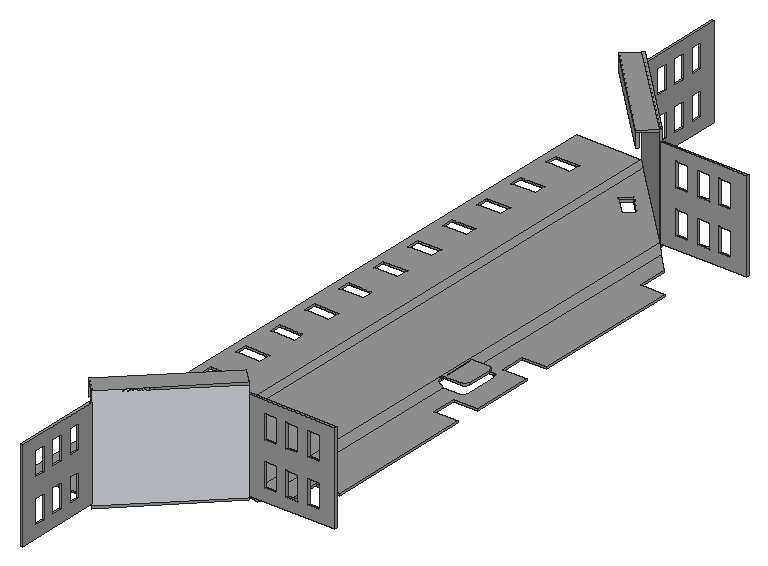
Revit family "Anbau-Abzweigstück-RAA 630FT", category Generic Models, Revit 2017
Family settings
  Can host rebar = No
  Round Connector Dimension = Use Diameter
  Part Type = Normal
  Work Plane-Based = No
  Always vertical = Yes
  Cut with Voids When Loaded = No
  Shared = No
  Room Calculation Point = No
Parameters (values of type "RAA 630 FT")
  URL = "http://www.obo-bettermann.com"
  Material = Hot dip galvanised
  Manufacturer Art.No. = "7121318"
  Manufacturer = "OBO BETTERMANN"
  GTIN = "4012196813254"
  Cut's number 3 = 3
  Cut's number 2 = 2
  Cut's number = 8
  Article Type = "RAA 630 FT"
Reference planes
  plane 1 "Center (Front/Back)": y = 0
  plane 2: z = 0
  plane 3 "Center (Left/Right)": x = 0
  plane 4: z = 2.5
  plane 5: x = 117
  plane 6: x = 37
  plane 7: x = 92
  plane 8: z = -2.5
  plane 9: y = 400
  plane 10: x = 103
  plane 11: y = 200
  plane 12: y = 218
  plane 13: y = 182
  plane 14: y = 232
  plane 15: y = 168
  plane 16: x = 103
  plane 17: y = 318
  plane 18: y = 335.1
  plane 19: y = 200
  plane 20: x = 103
  plane 21: y = 200
  plane 22: y = 182
  plane 23: y = 218
  plane 24: y = 168
  plane 25: y = 232
  plane 26: x = 103
  plane 27: y = 82
  plane 28: y = 64.9
  plane 29: y = 212.5
  plane 30: y = 187.5
  plane 31: x = 104.5
  plane 32: x = 89.5
  plane 33: z = 1
  plane 34: x = 103.914
  plane 35: y = 210
  plane 36: y = 190
  plane 37: x = 103
  plane 38: x = 5
  plane 39: x = 5
  plane 40: x = 5
  plane 41: x = 5
  plane 42: x = 5
  plane 43: x = 5
  plane 44: x = 5
  plane 45: x = 5
  plane 46: x = 5
  plane 47: x = 5
  plane 48: x = 5
  plane 49: x = 5
  plane 50: x = 5
  plane 51: x = 5
  plane 52: x = 5
  plane 53: z = 60
  plane 54: z = 54
  plane 55: through (68.178, 379.264, 1200) normal (0.7071, -0.7071, 0)
  plane 56: through (42.959, 373.844, 1200) normal (0.7071, -0.7071, 0)
  plane 57: through (66.026, 357.313, 1200) normal (0.7071, -0.7071, 0)
  plane 58: z = -1.25
  plane 59: through (68.178, 20.736, 1200) normal (-0.7071, -0.7071, 0)
  plane 60: through (42.959, 26.156, 1200) normal (-0.7071, -0.7071, 0)
  plane 61: through (66.026, 42.687, 1200) normal (-0.7071, -0.7071, 0)
  plane 62: through (69.939, 381.025, 1200) normal (0.7071, -0.7071, 0)
  plane 63: through (40.385, 371.269, 1200) normal (0.7071, 0.7071, 0)
  plane 64: through (69.939, 18.975, 1200) normal (-0.7071, -0.7071, 0)
  plane 65: through (40.385, 28.731, 1200) normal (-0.7071, 0.7071, 0)
  plane 66: z = 58.75
  plane 67: z = 51
  plane 68: z = 15
  plane 69: y = 438.468
  plane 70: z = 15
  plane 71: y = 425.925
  plane 72: z = 15
  plane 73: y = 413.382
  plane 74: z = 40
  plane 75: y = 438.468
  plane 76: z = 40
  plane 77: y = 425.925
  plane 78: z = 40
  plane 79: y = 413.382
  plane 80: z = 15
  plane 81: y = -38.468
  plane 82: z = 15
  plane 83: y = -25.925
  plane 84: z = 15
  plane 85: y = -13.383
  plane 86: z = 40
  plane 87: y = -38.468
  plane 88: z = 40
  plane 89: y = -25.925
  plane 90: z = 40
  plane 91: y = -13.383
  plane 92: z = 15
  plane 93: x = 127.382
  plane 94: z = 15
  plane 95: x = 114.836
  plane 96: z = 15
  plane 97: x = 102.29
  plane 98: z = 40
  plane 99: x = 127.382
  plane 100: z = 40
  plane 101: x = 114.836
  plane 102: z = 40
  plane 103: x = 102.29
  plane 104: z = 15
  plane 105: x = 127.382
  plane 106: z = 15
  plane 107: x = 114.905
  plane 108: z = 15
  plane 109: x = 102.427
  plane 110: z = 40
  plane 111: x = 127.382
  plane 112: z = 40
  plane 113: x = 114.905
  plane 114: z = 40
  plane 115: x = 102.427
Forms (mm)
  Extrusion 1, solid, material "Hot dip galvanised" <- "Material"
    sketch origin (0, 0, 0) x (1, 0, 0) y (0, 0, 1)
      loop
        line (0, 2.5) -> (37, 2.5) -> (39.5, 0) -> (88.5, 0) -> (92, -3.5) -> (117, -3.5) -> (117, -2.5) -> (92.414, -2.5) -> (88.914, 1) -> (39.914, 1) -> (37.414, 3.5) -> (0, 3.5) -> (0, 2.5)
    from 0 to -400
  Extrusion 2, void
    sketch origin (0, 0, 0) x (1, 0, 0) y (0, 1, 0)
      loop
        line (117, 218) -> (117, 232) -> (103, 232) -> (103, 218) -> (117, 218)
      loop
        line (117, 318) -> (117, 400) -> (38.1, 400) -> (103, 335.1) -> (103, 318) -> (117, 318)
    from -3.5 to 3.5
  Extrusion 3, void
    sketch origin (0, 400, 0) x (1, 0, 0) y (0, 1, 0)
      loop
        line (117, -218) -> (103, -218) -> (103, -232) -> (117, -232) -> (117, -218)
      loop
        line (117, -318) -> (103, -318) -> (103, -335.1) -> (38.1, -400) -> (117, -400) -> (117, -318)
    from -3.5 to 3.5
  Extrusion 4, void
    sketch origin (0, 0, 0) x (1, 0, 0) y (0, 1, 0)
      loop
        line (89.5, 212.5) -> (89.5, 187.5) -> (101.5, 187.5)
        arc (101.5, 187.5) -> (103.621, 188.379) -> (104.5, 190.5) r 3
        line (104.5, 190.5) -> (104.5, 209.5)
        arc (104.5, 209.5) -> (103.621, 211.621) -> (101.5, 212.5) r 3
        line (101.5, 212.5) -> (89.5, 212.5)
    from -3.5 to 3.5
  Extrusion 5, solid, material "Hot dip galvanised" <- "Material"
    sketch origin (0, 0, 0) x (1, 0, 0) y (0, 0, 1)
      loop
        line (90.328, 1) -> (103.914, 1) -> (103.914, 2) -> (89.914, 2) -> (88.914, 1) -> (89.621, 0.293) -> (90.328, 1)
    from -210 to -190
  Extrusion 6, void
    sketch origin (0, 0, 0) x (1, 0, 0) y (0, 1, 0)
      loop
        arc (100.914, 210) -> (103.036, 209.121) -> (103.914, 207) r 3
        line (103.914, 207) -> (103.914, 210) -> (100.914, 210)
      loop
        arc (103.914, 193) -> (103.036, 190.879) -> (100.914, 190) r 3
        line (100.914, 190) -> (103.914, 190) -> (103.914, 193)
    from 1 to 2
  Extrusion 7, void
    sketch origin (0, 0, 0) x (1, 0, 0) y (0, 1, 0)
      loop
        line (5, 203.5) -> (5, 196.5) -> (19, 196.5) -> (19, 203.5) -> (5, 203.5)
    from 2.5 to 3.5
  Extrusion 8, void
    sketch origin (0, 25, 0) x (1, 0, 0) y (0, 1, 0)
      loop
        line (5, 203.5) -> (5, 196.5) -> (19, 196.5) -> (19, 203.5) -> (5, 203.5)
    from 2.5 to 3.5
  Extrusion 9, void
    sketch origin (0, 50, 0) x (1, 0, 0) y (0, 1, 0)
      loop
        line (5, 203.5) -> (5, 196.5) -> (19, 196.5) -> (19, 203.5) -> (5, 203.5)
    from 2.5 to 3.5
  Extrusion 10, void
    sketch origin (0, 75, 0) x (1, 0, 0) y (0, 1, 0)
      loop
        line (5, 203.5) -> (5, 196.5) -> (19, 196.5) -> (19, 203.5) -> (5, 203.5)
    from 2.5 to 3.5
  Extrusion 11, void
    sketch origin (0, 100, 0) x (1, 0, 0) y (0, 1, 0)
      loop
        line (5, 203.5) -> (5, 196.5) -> (19, 196.5) -> (19, 203.5) -> (5, 203.5)
    from 2.5 to 3.5
  Extrusion 12, void
    sketch origin (0, 125, 0) x (1, 0, 0) y (0, 1, 0)
      loop
        line (5, 203.5) -> (5, 196.5) -> (19, 196.5) -> (19, 203.5) -> (5, 203.5)
    from 2.5 to 3.5
  Extrusion 13, void
    sketch origin (0, 150, 0) x (1, 0, 0) y (0, 1, 0)
      loop
        line (5, 203.5) -> (5, 196.5) -> (19, 196.5) -> (19, 203.5) -> (5, 203.5)
    from 2.5 to 3.5
  Extrusion 14, void
    sketch origin (0, 175, 0) x (1, 0, 0) y (0, 1, 0)
      loop
        line (5, 203.5) -> (5, 196.5) -> (19, 196.5) -> (19, 203.5) -> (5, 203.5)
    from 2.5 to 3.5
  Extrusion 15, void
    sketch origin (0, -25, 0) x (1, 0, 0) y (0, 1, 0)
      loop
        line (5, 203.5) -> (5, 196.5) -> (19, 196.5) -> (19, 203.5) -> (5, 203.5)
    from 2.5 to 3.5
  Extrusion 16, void
    sketch origin (0, -50, 0) x (1, 0, 0) y (0, 1, 0)
      loop
        line (5, 203.5) -> (5, 196.5) -> (19, 196.5) -> (19, 203.5) -> (5, 203.5)
    from 2.5 to 3.5
  Extrusion 17, void
    sketch origin (0, -75, 0) x (1, 0, 0) y (0, 1, 0)
      loop
        line (5, 203.5) -> (5, 196.5) -> (19, 196.5) -> (19, 203.5) -> (5, 203.5)
    from 2.5 to 3.5
  Extrusion 18, void
    sketch origin (0, -100, 0) x (1, 0, 0) y (0, 1, 0)
      loop
        line (5, 203.5) -> (5, 196.5) -> (19, 196.5) -> (19, 203.5) -> (5, 203.5)
    from 2.5 to 3.5
  Extrusion 19, void
    sketch origin (0, -125, 0) x (1, 0, 0) y (0, 1, 0)
      loop
        line (5, 203.5) -> (5, 196.5) -> (19, 196.5) -> (19, 203.5) -> (5, 203.5)
    from 2.5 to 3.5
  Extrusion 20, void
    sketch origin (0, -150, 0) x (1, 0, 0) y (0, 1, 0)
      loop
        line (5, 203.5) -> (5, 196.5) -> (19, 196.5) -> (19, 203.5) -> (5, 203.5)
    from 2.5 to 3.5
  Extrusion 21, void
    sketch origin (0, -175, 0) x (1, 0, 0) y (0, 1, 0)
      loop
        line (5, 203.5) -> (5, 196.5) -> (19, 196.5) -> (19, 203.5) -> (5, 203.5)
    from 2.5 to 3.5
  Extrusion 22, solid, material "Hot dip galvanised" <- "Material"
    sketch origin (0, 0, 0) x (1, 0, 0) y (0, 1, 0)
      loop
        line (38.051, 400.049) -> (88.963, 349.137) -> (89.882, 350.056) -> (38.971, 400.968) -> (38.051, 400.049)
    from 0 to 60
  Extrusion 23, solid, material "Hot dip galvanised" <- "Material"
    sketch origin (0, 0, 0) x (1, 0, 0) y (0, 1, 0)
      loop
        line (89.882, 350.056) -> (89.882, 348.756) -> (139.882, 348.756) -> (139.882, 350.056) -> (89.882, 350.056)
      loop
        line (38.971, 400.968) -> (38.971, 450.968) -> (37.671, 450.968) -> (37.671, 400.968) -> (38.971, 400.968)
    from 1 to 54
  Extrusion 24, solid, material "Hot dip galvanised" <- "Material"
    sketch origin (0, 400, 0) x (1, 0, 0) y (0, 1, 0)
      loop
        line (89.882, -350.056) -> (139.882, -350.056) -> (139.882, -348.756) -> (89.882, -348.756) -> (89.882, -350.056)
      loop
        line (38.971, -400.968) -> (37.671, -400.968) -> (37.671, -450.968) -> (38.971, -450.968) -> (38.971, -400.968)
    from 1 to 54
  Extrusion 25, solid
    sketch origin (0, 400, 0) x (1, 0, 0) y (0, 1, 0)
      loop
        line (38.051, -400.049) -> (38.971, -400.968) -> (89.882, -350.056) -> (88.963, -349.137) -> (38.051, -400.049)
    from 0 to 60
  Extrusion 26, solid, material "Hot dip galvanised" <- "Material"
    sketch origin (0, 0, 0) x (1, 0, 0) y (0, 1, 0)
      loop
        line (38.971, 400.968) -> (40.385, 371.269) -> (60.184, 351.471) -> (89.882, 350.056) -> (38.971, 400.968)
    from -1.25 to 0
  Extrusion 27, solid, material "Hot dip galvanised" <- "Material"
    sketch origin (0, 400, 0) x (1, 0, 0) y (0, 1, 0)
      loop
        line (38.971, -400.968) -> (89.882, -350.056) -> (60.184, -351.471) -> (40.385, -371.269) -> (38.971, -400.968)
    from -1.25 to 0
  Extrusion 28, void
    sketch origin (0, 0, 0) x (1, 0, 0) y (0, 1, 0)
      loop
        line (53.514, 374.499) -> (48.565, 369.55) -> (58.464, 359.65) -> (63.414, 364.6) -> (53.514, 374.499)
    from -3.5 to 3.5
  Extrusion 29, void
    sketch origin (0, 400, 0) x (1, 0, 0) y (0, 1, 0)
      loop
        line (53.514, -374.499) -> (63.414, -364.6) -> (58.464, -359.65) -> (48.565, -369.55) -> (53.514, -374.499)
    from -3.5 to 3.5
  Extrusion 30, void
    sketch origin (0, 0, 0) x (1, 0, 0) y (0, 1, 0)
      loop
        line (58.464, 40.35) -> (48.565, 30.45) -> (53.514, 25.501) -> (63.414, 35.4) -> (58.464, 40.35)
    from 3.5 to -3.5
  Extrusion 31, solid, material "Hot dip galvanised" <- "Material"
    sketch origin (0, 0, 0) x (1, 0, 0) y (0, 1, 0)
      loop
        line (38.971, 400.968) -> (30.485, 392.483) -> (81.397, 341.571) -> (89.882, 350.056) -> (38.971, 400.968)
    from 60 to 58.75
  Extrusion 32, solid, material "Hot dip galvanised" <- "Material"
    sketch origin (0, 0, 0) x (1, 0, 0) y (0, 1, 0)
      loop
        line (30.485, 392.483) -> (81.397, 341.571) -> (82.316, 342.49) -> (31.404, 393.402) -> (30.485, 392.483)
    from 51 to 58.75
  Extrusion 33, solid, material "Hot dip galvanised" <- "Material"
    sketch origin (0, 400, 0) x (1, 0, 0) y (0, 1, 0)
      loop
        line (38.971, -400.968) -> (89.882, -350.056) -> (81.397, -341.571) -> (30.485, -392.483) -> (38.971, -400.968)
    from 60 to 58.75
  Extrusion 34, solid, material "Hot dip galvanised" <- "Material"
    sketch origin (0, 400, 0) x (1, 0, 0) y (0, 1, 0)
      loop
        line (30.485, -392.483) -> (31.404, -393.402) -> (82.316, -342.49) -> (81.397, -341.571) -> (30.485, -392.483)
    from 51 to 58.75
  Extrusion 35, void
    sketch origin (0, 0, 0) x (0, 1, 0) y (0, 0, 1)
      loop
        line (434.968, 22) -> (434.968, 8) -> (441.968, 8) -> (441.968, 22) -> (434.968, 22)
    from 37.671 to 38.971
  Extrusion 36, void
    sketch origin (0, -12.543, 0) x (0, 1, 0) y (0, 0, 1)
      loop
        line (434.968, 22) -> (434.968, 8) -> (441.968, 8) -> (441.968, 22) -> (434.968, 22)
    from 37.671 to 38.971
  Extrusion 37, void
    sketch origin (0, -25.086, 0) x (0, 1, 0) y (0, 0, 1)
      loop
        line (434.968, 22) -> (434.968, 8) -> (441.968, 8) -> (441.968, 22) -> (434.968, 22)
    from 37.671 to 38.971
  Extrusion 38, void
    sketch origin (0, 0, 25) x (0, 1, 0) y (0, 0, 1)
      loop
        line (434.968, 22) -> (434.968, 8) -> (441.968, 8) -> (441.968, 22) -> (434.968, 22)
    from 37.671 to 38.971
  Extrusion 39, void
    sketch origin (0, -12.543, 25) x (0, 1, 0) y (0, 0, 1)
      loop
        line (434.968, 22) -> (434.968, 8) -> (441.968, 8) -> (441.968, 22) -> (434.968, 22)
    from 37.671 to 38.971
  Extrusion 40, void
    sketch origin (0, -25.086, 25) x (0, 1, 0) y (0, 0, 1)
      loop
        line (434.968, 22) -> (434.968, 8) -> (441.968, 8) -> (441.968, 22) -> (434.968, 22)
    from 37.671 to 38.971
  Extrusion 41, void
    sketch origin (0, 0, 0) x (0, 1, 0) y (0, 0, 1)
      loop
        line (-41.968, 22) -> (-41.968, 8) -> (-34.968, 8) -> (-34.968, 22) -> (-41.968, 22)
    from 37.671 to 38.971
  Extrusion 42, void
    sketch origin (0, 12.543, 0) x (0, 1, 0) y (0, 0, 1)
      loop
        line (-41.968, 22) -> (-41.968, 8) -> (-34.968, 8) -> (-34.968, 22) -> (-41.968, 22)
    from 37.671 to 38.971
  Extrusion 43, void
    sketch origin (0, 25.085, 0) x (0, 1, 0) y (0, 0, 1)
      loop
        line (-41.968, 22) -> (-41.968, 8) -> (-34.968, 8) -> (-34.968, 22) -> (-41.968, 22)
    from 37.671 to 38.971
  Extrusion 44, void
    sketch origin (0, 0, 25) x (0, 1, 0) y (0, 0, 1)
      loop
        line (-41.968, 22) -> (-41.968, 8) -> (-34.968, 8) -> (-34.968, 22) -> (-41.968, 22)
    from 37.671 to 38.971
  Extrusion 45, void
    sketch origin (0, 12.543, 25) x (0, 1, 0) y (0, 0, 1)
      loop
        line (-41.968, 22) -> (-41.968, 8) -> (-34.968, 8) -> (-34.968, 22) -> (-41.968, 22)
    from 37.671 to 38.971
  Extrusion 46, void
    sketch origin (0, 25.085, 25) x (0, 1, 0) y (0, 0, 1)
      loop
        line (-41.968, 22) -> (-41.968, 8) -> (-34.968, 8) -> (-34.968, 22) -> (-41.968, 22)
    from 37.671 to 38.971
  Extrusion 47, void
    sketch origin (0, 0, 0) x (1, 0, 0) y (0, 0, 1)
      loop
        line (123.882, 22) -> (123.882, 8) -> (130.882, 8) -> (130.882, 22) -> (123.882, 22)
    from -49.944 to -51.244
  Extrusion 48, void
    sketch origin (-12.546, 0, 0) x (1, 0, 0) y (0, 0, 1)
      loop
        line (123.882, 22) -> (123.882, 8) -> (130.882, 8) -> (130.882, 22) -> (123.882, 22)
    from -49.944 to -51.244
  Extrusion 49, void
    sketch origin (-25.092, 0, 0) x (1, 0, 0) y (0, 0, 1)
      loop
        line (123.882, 22) -> (123.882, 8) -> (130.882, 8) -> (130.882, 22) -> (123.882, 22)
    from -49.944 to -51.244
  Extrusion 50, void
    sketch origin (0, 0, 25) x (1, 0, 0) y (0, 0, 1)
      loop
        line (123.882, 22) -> (123.882, 8) -> (130.882, 8) -> (130.882, 22) -> (123.882, 22)
    from -49.944 to -51.244
  Extrusion 51, void
    sketch origin (-12.546, 0, 25) x (1, 0, 0) y (0, 0, 1)
      loop
        line (123.882, 22) -> (123.882, 8) -> (130.882, 8) -> (130.882, 22) -> (123.882, 22)
    from -49.944 to -51.244
  Extrusion 52, void
    sketch origin (-25.092, 0, 25) x (1, 0, 0) y (0, 0, 1)
      loop
        line (123.882, 22) -> (123.882, 8) -> (130.882, 8) -> (130.882, 22) -> (123.882, 22)
    from -49.944 to -51.244
  Extrusion 53, void
    sketch origin (0, 0, 0) x (1, 0, 0) y (0, 0, 1)
      loop
        line (130.882, 22) -> (123.882, 22) -> (123.882, 8) -> (130.882, 8) -> (130.882, 22)
    from -350.056 to -348.756
  Extrusion 54, void
    sketch origin (-12.478, 0, 0) x (1, 0, 0) y (0, 0, 1)
      loop
        line (130.882, 22) -> (123.882, 22) -> (123.882, 8) -> (130.882, 8) -> (130.882, 22)
    from -350.056 to -348.756
  Extrusion 55, void
    sketch origin (-24.955, 0, 0) x (1, 0, 0) y (0, 0, 1)
      loop
        line (130.882, 22) -> (123.882, 22) -> (123.882, 8) -> (130.882, 8) -> (130.882, 22)
    from -350.056 to -348.756
  Extrusion 56, void
    sketch origin (0, 0, 25) x (1, 0, 0) y (0, 0, 1)
      loop
        line (130.882, 22) -> (123.882, 22) -> (123.882, 8) -> (130.882, 8) -> (130.882, 22)
    from -350.056 to -348.756
  Extrusion 57, void
    sketch origin (-12.478, 0, 25) x (1, 0, 0) y (0, 0, 1)
      loop
        line (130.882, 22) -> (123.882, 22) -> (123.882, 8) -> (130.882, 8) -> (130.882, 22)
    from -350.056 to -348.756
  Extrusion 58, void
    sketch origin (-24.955, 0, 25) x (1, 0, 0) y (0, 0, 1)
      loop
        line (130.882, 22) -> (123.882, 22) -> (123.882, 8) -> (130.882, 8) -> (130.882, 22)
    from -350.056 to -348.756
Cuts and joins
  Extrusion 2, Extrusion 3, Extrusion 4, Extrusion 7, Extrusion 8, Extrusion 9, Extrusion 10, Extrusion 11, Extrusion 12, Extrusion 13, Extrusion 14, Extrusion 15, Extrusion 16, Extrusion 17, Extrusion 18, Extrusion 19, Extrusion 20, Extrusion 21, Extrusion 28, Extrusion 29 cuts Extrusion 1
  Extrusion 6 cuts Extrusion 5
  Extrusion 28, Extrusion 29 cuts Extrusion 26
  Extrusion 30 cuts Extrusion 27
  Extrusion 35, Extrusion 36, Extrusion 37, Extrusion 38, Extrusion 39, Extrusion 40, Extrusion 53, Extrusion 54, Extrusion 55, Extrusion 56, Extrusion 57, Extrusion 58 cuts Extrusion 23
  Extrusion 41, Extrusion 42, Extrusion 43, Extrusion 44, Extrusion 45, Extrusion 46, Extrusion 47, Extrusion 48, Extrusion 49, Extrusion 50, Extrusion 51, Extrusion 52, Extrusion 53 cuts Extrusion 24
Dimensions and locks
  locked: plane 5 to plane 3 "Center (Left/Right)" at 117
  locked: Extrusion 1 sketch curve to plane 8 at 3.5
  locked: Extrusion 1 sketch curve to level at 2.5
  locked: Extrusion 1 sketch curve to Extrusion 1 sketch curve at 117
  locked: Extrusion 1 sketch curve to Extrusion 1 sketch curve at 1  (x3)
  Extrusion 1 sketch curve to Extrusion 1 sketch curve = 1 mm
  locked: plane 1 "Center (Front/Back)" to plane 9 at 400
  locked: plane 10 to Extrusion 1 at 14
  locked: Extrusion 1 to plane 11 at 200
  locked: plane 17 to plane 11 at 118
  plane 18 to plane 11 = 135.1 mm
  locked: cut or joined group 1 (Extrusion 1, Extrusion 2, Extrusion 3, Extrusion 4, Extrusion 7, Extrusion 8, Extrusion 9, Extrusion 10, Extrusion 11, Extrusion 12, Extrusion 13, Extrusion 14, Extrusion 15, Extrusion 16, Extrusion 17, Extrusion 18, Extrusion 19, Extrusion 20, Extrusion 21, Extrusion 28, Extrusion 29) to plane 19 at 200
  locked: plane 27 to plane 21 at 118
  plane 28 to plane 21 = 135.1 mm
  plane 31 to cut or joined group 1 = 12.5 mm
  cut or joined group 1 to cut or joined group 1 = 36 mm
  locked: Extrusion 4 sketch curve to Extrusion 4 sketch curve at 25
  locked: Extrusion 4 sketch curve to Extrusion 4 sketch curve at 15
  locked: plane 33 to cut or joined group 1 at 3.5
  plane 34 to Extrusion 5 sketch curve = 13.586 mm
  locked: Extrusion 5 sketch curve to Extrusion 5 sketch curve at 1
  locked: cut or joined group 1 to plane 35 at 2.5
  locked: Extrusion 7 sketch curve to Extrusion 7 sketch curve at 7
  locked: Extrusion 7 sketch curve to Extrusion 7 sketch curve at 14
  locked: Extrusion 8 sketch curve to Extrusion 8 sketch curve at 7
  locked: Extrusion 8 sketch curve to Extrusion 8 sketch curve at 14
  locked: Extrusion 9 sketch curve to Extrusion 9 sketch curve at 7
  locked: Extrusion 9 sketch curve to Extrusion 9 sketch curve at 14
  locked: Extrusion 10 sketch curve to Extrusion 10 sketch curve at 7
  locked: Extrusion 10 sketch curve to Extrusion 10 sketch curve at 14
  locked: Extrusion 11 sketch curve to Extrusion 11 sketch curve at 7
  locked: Extrusion 11 sketch curve to Extrusion 11 sketch curve at 14
  locked: Extrusion 12 sketch curve to Extrusion 12 sketch curve at 7
  locked: Extrusion 12 sketch curve to Extrusion 12 sketch curve at 14
  locked: Extrusion 13 sketch curve to Extrusion 13 sketch curve at 7
  locked: Extrusion 13 sketch curve to Extrusion 13 sketch curve at 14
  locked: Extrusion 14 sketch curve to Extrusion 14 sketch curve at 7
  locked: Extrusion 14 sketch curve to Extrusion 14 sketch curve at 14
  locked: Extrusion 15 sketch curve to Extrusion 15 sketch curve at 7
  locked: Extrusion 15 sketch curve to Extrusion 15 sketch curve at 14
  equal spacing: group 8, group 9, group 10, group 11, group 12, group 13, group 14, group 15  (x2)
  equal spacing: group 15, group 14, group 13, group 12, group 11, group 10, group 9, group 8
  locked: Extrusion 16 sketch curve to Extrusion 16 sketch curve at 7
  locked: Extrusion 16 sketch curve to Extrusion 16 sketch curve at 14
  locked: Extrusion 17 sketch curve to Extrusion 17 sketch curve at 7
  locked: Extrusion 17 sketch curve to Extrusion 17 sketch curve at 14
  locked: Extrusion 18 sketch curve to Extrusion 18 sketch curve at 7
  locked: Extrusion 18 sketch curve to Extrusion 18 sketch curve at 14
  locked: Extrusion 19 sketch curve to Extrusion 19 sketch curve at 7
  locked: Extrusion 19 sketch curve to Extrusion 19 sketch curve at 14
  locked: Extrusion 20 sketch curve to Extrusion 20 sketch curve at 7
  locked: Extrusion 20 sketch curve to Extrusion 20 sketch curve at 14
  locked: Extrusion 21 sketch curve to Extrusion 21 sketch curve at 7
  locked: Extrusion 21 sketch curve to Extrusion 21 sketch curve at 14
  locked: cut or joined group 1 to Extrusion 22 sketch curve at 1.3
  locked: Extrusion 22 sketch curve to Extrusion 22 sketch curve at 72
  locked: Extrusion 22 to plane 53 at 60
  locked: Extrusion 23 sketch curve to Extrusion 23 sketch curve at 1.3  (x2)
  locked: Extrusion 23 sketch curve to Extrusion 23 sketch curve at 50  (x2)
  locked: Extrusion 23 to cut or joined group 1 at 0.968
  locked: cut or joined group 1 to Extrusion 23 at 49.968
  locked: Extrusion 23 to plane 54 at 53
  locked: Extrusion 24 sketch curve to Extrusion 24 sketch curve at 1.3  (x2)
  locked: Extrusion 24 sketch curve to Extrusion 24 sketch curve at 50  (x2)
  locked: Extrusion 25 sketch curve to Extrusion 25 sketch curve at 72
  locked: plane 55 to plane 56 at 14
  locked: plane 57 to plane 55 at 14
  locked: Extrusion 26 sketch curve to Extrusion 26 sketch curve at 28
  locked: Extrusion 26 sketch curve to Extrusion 26 sketch curve at 72
  locked: Extrusion 22 to Extrusion 26 sketch curve at 20
  locked: plane 59 to plane 60 at 14
  locked: plane 61 to plane 59 at 14
  locked: Extrusion 27 sketch curve to Extrusion 27 sketch curve at 28
  locked: Extrusion 27 sketch curve to Extrusion 27 sketch curve at 72
  locked: Extrusion 26 to plane 62 at 14
  locked: Extrusion 31 sketch curve to Extrusion 31 sketch curve at 72
  locked: Extrusion 22 to Extrusion 31 sketch curve at 12
  locked: Extrusion 31 to plane 66 at 1.25
  locked: Extrusion 31 to Extrusion 32 sketch curve at 1.3
  locked: Extrusion 31 to Extrusion 31 at 72
  locked: Extrusion 31 to plane 67 at 9
  locked: Extrusion 33 sketch curve to Extrusion 33 sketch curve at 72
  locked: Extrusion 33 to Extrusion 33 at 72
  locked: Extrusion 35 sketch curve to Extrusion 35 sketch curve at 7
  locked: Extrusion 35 sketch curve to plane 69 at 3.5
  locked: Extrusion 35 sketch curve to Extrusion 35 sketch curve at 14
  locked: plane 68 to Extrusion 35 sketch curve at 7
  locked: Extrusion 36 sketch curve to Extrusion 36 sketch curve at 7
  locked: Extrusion 36 sketch curve to plane 71 at 3.5
  locked: Extrusion 36 sketch curve to Extrusion 36 sketch curve at 14
  locked: plane 70 to Extrusion 36 sketch curve at 7
  locked: Extrusion 37 sketch curve to Extrusion 37 sketch curve at 7
  locked: Extrusion 37 sketch curve to plane 73 at 3.5
  locked: Extrusion 37 sketch curve to Extrusion 37 sketch curve at 14
  locked: plane 72 to Extrusion 37 sketch curve at 7
  locked: Extrusion 38 sketch curve to Extrusion 38 sketch curve at 7
  locked: Extrusion 38 sketch curve to plane 75 at 3.5
  locked: Extrusion 38 sketch curve to Extrusion 38 sketch curve at 14
  locked: plane 74 to Extrusion 38 sketch curve at 7
  locked: Extrusion 39 sketch curve to Extrusion 39 sketch curve at 7
  locked: Extrusion 39 sketch curve to plane 77 at 3.5
  locked: Extrusion 39 sketch curve to Extrusion 39 sketch curve at 14
  locked: plane 76 to Extrusion 39 sketch curve at 7
  locked: Extrusion 40 sketch curve to Extrusion 40 sketch curve at 7
  locked: Extrusion 40 sketch curve to plane 79 at 3.5
  locked: Extrusion 40 sketch curve to Extrusion 40 sketch curve at 14
  locked: plane 78 to Extrusion 40 sketch curve at 7
  locked: Extrusion 41 sketch curve to Extrusion 41 sketch curve at 14
  locked: plane 80 to Extrusion 41 sketch curve at 7
  locked: Extrusion 41 sketch curve to Extrusion 41 sketch curve at 7
  locked: Extrusion 41 sketch curve to plane 81 at 3.5
  locked: Extrusion 42 sketch curve to Extrusion 42 sketch curve at 14
  locked: plane 82 to Extrusion 42 sketch curve at 7
  locked: Extrusion 42 sketch curve to Extrusion 42 sketch curve at 7
  locked: Extrusion 42 sketch curve to plane 83 at 3.5
  locked: Extrusion 43 sketch curve to Extrusion 43 sketch curve at 14
  locked: plane 84 to Extrusion 43 sketch curve at 7
  locked: Extrusion 43 sketch curve to Extrusion 43 sketch curve at 7
  locked: Extrusion 43 sketch curve to plane 85 at 3.5
  locked: Extrusion 44 sketch curve to Extrusion 44 sketch curve at 14
  locked: plane 86 to Extrusion 44 sketch curve at 7
  locked: Extrusion 44 sketch curve to Extrusion 44 sketch curve at 7
  locked: Extrusion 44 sketch curve to plane 87 at 3.5
  locked: Extrusion 45 sketch curve to Extrusion 45 sketch curve at 14
  locked: plane 88 to Extrusion 45 sketch curve at 7
  locked: Extrusion 45 sketch curve to Extrusion 45 sketch curve at 7
  locked: Extrusion 45 sketch curve to plane 89 at 3.5
  locked: Extrusion 46 sketch curve to Extrusion 46 sketch curve at 14
  locked: plane 90 to Extrusion 46 sketch curve at 7
  locked: Extrusion 46 sketch curve to Extrusion 46 sketch curve at 7
  locked: Extrusion 46 sketch curve to plane 91 at 3.5
  group 17 to group 18 = 0 mm  (x2)
  group 17 to group 18 = 25 mm
  locked: Extrusion 47 sketch curve to Extrusion 47 sketch curve at 14
  locked: plane 92 to Extrusion 47 sketch curve at 7
  locked: Extrusion 47 sketch curve to Extrusion 47 sketch curve at 7
  locked: plane 93 to Extrusion 47 sketch curve at 3.5
  locked: Extrusion 48 sketch curve to Extrusion 48 sketch curve at 14
  locked: plane 94 to Extrusion 48 sketch curve at 7
  locked: Extrusion 48 sketch curve to Extrusion 48 sketch curve at 7
  locked: plane 95 to Extrusion 48 sketch curve at 3.5
  locked: Extrusion 49 sketch curve to Extrusion 49 sketch curve at 14
  locked: plane 96 to Extrusion 49 sketch curve at 7
  locked: Extrusion 49 sketch curve to Extrusion 49 sketch curve at 7
  locked: plane 97 to Extrusion 49 sketch curve at 3.5
  locked: Extrusion 50 sketch curve to Extrusion 50 sketch curve at 14
  locked: plane 98 to Extrusion 50 sketch curve at 7
  locked: Extrusion 50 sketch curve to Extrusion 50 sketch curve at 7
  locked: plane 99 to Extrusion 50 sketch curve at 3.5
  locked: Extrusion 51 sketch curve to Extrusion 51 sketch curve at 14
  locked: plane 100 to Extrusion 51 sketch curve at 7
  locked: Extrusion 51 sketch curve to Extrusion 51 sketch curve at 7
  locked: plane 101 to Extrusion 51 sketch curve at 3.5
  locked: Extrusion 52 sketch curve to Extrusion 52 sketch curve at 14
  locked: plane 102 to Extrusion 52 sketch curve at 7
  locked: Extrusion 52 sketch curve to Extrusion 52 sketch curve at 7
  locked: plane 103 to Extrusion 52 sketch curve at 3.5
  locked: Extrusion 53 sketch curve to Extrusion 53 sketch curve at 7
  locked: plane 105 to Extrusion 53 sketch curve at 3.5
  locked: Extrusion 53 sketch curve to Extrusion 53 sketch curve at 14
  locked: Extrusion 53 sketch curve to plane 104 at 7
  locked: Extrusion 54 sketch curve to Extrusion 54 sketch curve at 7
  locked: plane 107 to Extrusion 54 sketch curve at 3.5
  locked: Extrusion 54 sketch curve to Extrusion 54 sketch curve at 14
  locked: Extrusion 54 sketch curve to plane 106 at 7
  locked: Extrusion 55 sketch curve to Extrusion 55 sketch curve at 7
  locked: plane 109 to Extrusion 55 sketch curve at 3.5
  locked: Extrusion 55 sketch curve to Extrusion 55 sketch curve at 14
  locked: Extrusion 55 sketch curve to plane 108 at 7
  locked: Extrusion 56 sketch curve to Extrusion 56 sketch curve at 7
  locked: plane 111 to Extrusion 56 sketch curve at 3.5
  locked: Extrusion 56 sketch curve to Extrusion 56 sketch curve at 14
  locked: Extrusion 56 sketch curve to plane 110 at 7
  locked: Extrusion 57 sketch curve to Extrusion 57 sketch curve at 7
  locked: plane 113 to Extrusion 57 sketch curve at 3.5
  locked: Extrusion 57 sketch curve to Extrusion 57 sketch curve at 14
  locked: Extrusion 57 sketch curve to plane 112 at 7
  locked: Extrusion 58 sketch curve to Extrusion 58 sketch curve at 7
  locked: plane 115 to Extrusion 58 sketch curve at 3.5
  locked: Extrusion 58 sketch curve to Extrusion 58 sketch curve at 14
  locked: Extrusion 58 sketch curve to plane 114 at 7
  group 20 to group 21 = 0 mm  (x2)
  group 20 to group 21 = 25 mm
  aligned and locked: level to plane 2
  aligned and locked: Extrusion 1 sketch curve to plane 8
  aligned and locked: Extrusion 1 sketch curve to plane 3 "Center (Left/Right)"
  aligned and locked: Extrusion 1 to level
  aligned and locked: Extrusion 1 to plane 3 "Center (Left/Right)"
  aligned and locked: plane 9 to Extrusion 1
  aligned and locked: plane 1 "Center (Front/Back)" to Extrusion 1
  aligned and locked: plane 9 to Extrusion 2 sketch curve
  aligned and locked: Extrusion 2 to Extrusion 1  (x2)
  aligned and locked: plane 32 to Extrusion 4 sketch curve
  aligned and locked: Extrusion 4 to Extrusion 1  (x2)
  aligned and locked: Extrusion 5 sketch curve to plane 33
  aligned and locked: cut or joined group 1 to Extrusion 5 sketch curve
  aligned and locked: Extrusion 5 sketch curve to plane 34
  aligned and locked: Extrusion 5 to cut or joined group 1
  aligned and locked: plane 35 to Extrusion 5
  aligned and locked: Extrusion 5 to plane 36
  aligned and locked: cut or joined group 1 to Extrusion 6
  aligned and locked: Extrusion 6 to Extrusion 5
  aligned and locked: Extrusion 1 to Extrusion 7  (x2)
  aligned and locked: Extrusion 22 to cut or joined group 1
  aligned and locked: plane 53 to Extrusion 22
  aligned and locked: Extrusion 22 to level
  aligned and locked: plane 54 to Extrusion 23
  aligned and locked: Extrusion 26 to plane 58
  aligned and locked: Extrusion 28 to Extrusion 1  (x2)
  aligned and locked: Extrusion 30 to cut or joined group 1  (x2)
  aligned and locked: Extrusion 31 to Extrusion 22
  aligned and locked: Extrusion 31 to plane 66
  aligned and locked: Extrusion 31 to Extrusion 32 sketch curve
  aligned and locked: Extrusion 32 sketch curve to Extrusion 31
  aligned and locked: Extrusion 22 to Extrusion 32
  aligned and locked: Extrusion 32 to Extrusion 31
  aligned and locked: Extrusion 32 to plane 67
  aligned and locked: Extrusion 23 to Extrusion 35  (x2)
  aligned and locked: Extrusion 24 to Extrusion 41  (x2)
  aligned and locked: Extrusion 24 to Extrusion 47  (x2)
  aligned and locked: Extrusion 23 to Extrusion 53  (x2)
Automatic sketch dimensions
  Extrusion 7 sketch curve to plane 38 = 0 mm
  Extrusion 8 sketch curve to plane 39 = 0 mm
  Extrusion 9 sketch curve to plane 40 = 0 mm
  Extrusion 10 sketch curve to plane 41 = 0 mm
  Extrusion 11 sketch curve to plane 42 = 0 mm
  Extrusion 12 sketch curve to plane 43 = 0 mm
  Extrusion 13 sketch curve to plane 44 = 0 mm
  Extrusion 14 sketch curve to plane 45 = 0 mm
  Extrusion 15 sketch curve to plane 46 = 0 mm
  Extrusion 16 sketch curve to plane 47 = 0 mm
  Extrusion 17 sketch curve to plane 48 = 0 mm
  Extrusion 18 sketch curve to plane 49 = 0 mm
  Extrusion 19 sketch curve to plane 50 = 0 mm
  Extrusion 20 sketch curve to plane 51 = 0 mm
  Extrusion 21 sketch curve to plane 52 = 0 mm
  Extrusion 1 sketch curve to plane 6 = 0 mm
  Extrusion 1 sketch curve to plane 7 = 0 mm
  plane 6 to Extrusion 1 sketch curve = 0.414 mm
  plane 6 to Extrusion 1 sketch curve = 2.5 mm
  Extrusion 1 sketch curve to Extrusion 1 sketch curve = 0.414 mm  (x2)
  Extrusion 1 sketch curve to plane 7 = 3.5 mm
  plane 7 to Extrusion 1 sketch curve = 0.414 mm
  Extrusion 2 sketch curve to plane 10 = 0 mm  (x2)
  Extrusion 2 sketch curve to plane 14 = 0 mm
  Extrusion 2 sketch curve to plane 17 = 0 mm
  Extrusion 2 sketch curve to plane 12 = 0 mm
  Extrusion 2 sketch curve to plane 18 = 0 mm
  plane 3 "Center (Left/Right)" to Extrusion 2 sketch curve = 38.1 mm
  plane 10 to Extrusion 2 sketch curve = 14 mm
  Extrusion 2 sketch curve to Extrusion 2 sketch curve = 14 mm
  plane 1 "Center (Front/Back)" to Extrusion 3 sketch curve = 0 mm
  Extrusion 3 sketch curve to plane 20 = 0 mm  (x2)
  plane 24 to Extrusion 3 sketch curve = 0 mm
  plane 27 to Extrusion 3 sketch curve = 0 mm
  plane 22 to Extrusion 3 sketch curve = 0 mm
  Extrusion 3 sketch curve to plane 28 = 0 mm
  Extrusion 3 sketch curve to plane 3 "Center (Left/Right)" = 38.1 mm
  Extrusion 3 sketch curve to plane 20 = 14 mm  (x2)
  Extrusion 4 sketch curve to plane 30 = 0 mm
  Extrusion 4 sketch curve to plane 37 = 1.5 mm  (x2)
  Extrusion 5 sketch curve to plane 33 = 0 mm
  Extrusion 6 sketch curve to plane 35 = 0 mm
  Extrusion 6 sketch curve to plane 36 = 0 mm
  Extrusion 6 sketch curve to plane 37 = 2.086 mm  (x2)
  plane 37 to Extrusion 6 sketch curve = 0.914 mm  (x2)
  Extrusion 6 sketch curve to Extrusion 6 sketch curve = 3 mm
  Extrusion 6 sketch curve to Extrusion 6 sketch curve = 0 mm
  plane 9 to Extrusion 22 sketch curve = 0.049 mm
  plane 3 "Center (Left/Right)" to Extrusion 22 sketch curve = 38.051 mm
  plane 9 to Extrusion 23 sketch curve = 0.968 mm
  plane 3 "Center (Left/Right)" to Extrusion 23 sketch curve = 37.671 mm
  Extrusion 23 sketch curve to plane 37 = 13.118 mm
  Extrusion 23 sketch curve to plane 9 = 49.944 mm
  Extrusion 24 sketch curve to plane 1 "Center (Front/Back)" = 0.968 mm
  Extrusion 24 sketch curve to plane 3 "Center (Left/Right)" = 37.671 mm
  plane 37 to Extrusion 24 sketch curve = 13.118 mm
  plane 1 "Center (Front/Back)" to Extrusion 24 sketch curve = 49.944 mm
  Extrusion 25 sketch curve to plane 1 "Center (Front/Back)" = 0.049 mm
  Extrusion 25 sketch curve to plane 3 "Center (Left/Right)" = 38.051 mm
  Extrusion 25 sketch curve to plane 1 "Center (Front/Back)" = 0.968 mm
  Extrusion 25 sketch curve to Extrusion 25 sketch curve = 0.919 mm
  plane 56 to Extrusion 26 sketch curve = 0 mm
  plane 9 to Extrusion 26 sketch curve = 0.968 mm
  Extrusion 26 sketch curve to Extrusion 26 sketch curve = 1.414 mm
  Extrusion 26 sketch curve to plane 37 = 13.118 mm
  Extrusion 27 sketch curve to plane 60 = 0 mm
  Extrusion 27 sketch curve to plane 1 "Center (Front/Back)" = 0.968 mm
  Extrusion 27 sketch curve to plane 3 "Center (Left/Right)" = 38.971 mm
  plane 1 "Center (Front/Back)" to Extrusion 27 sketch curve = 28.731 mm
  Extrusion 27 sketch curve to Extrusion 27 sketch curve = 19.799 mm
  plane 37 to Extrusion 27 sketch curve = 13.118 mm
  plane 3 "Center (Left/Right)" to Extrusion 28 sketch curve = 48.565 mm
  Extrusion 28 sketch curve to plane 9 = 25.501 mm
  Extrusion 28 sketch curve to Extrusion 28 sketch curve = 4.95 mm  (x2)
  Extrusion 28 sketch curve to Extrusion 28 sketch curve = 9.899 mm
  Extrusion 29 sketch curve to plane 3 "Center (Left/Right)" = 48.565 mm
  plane 1 "Center (Front/Back)" to Extrusion 29 sketch curve = 25.501 mm
  Extrusion 29 sketch curve to Extrusion 29 sketch curve = 4.95 mm  (x2)
  Extrusion 29 sketch curve to Extrusion 29 sketch curve = 9.899 mm
  plane 3 "Center (Left/Right)" to Extrusion 30 sketch curve = 48.565 mm
  Extrusion 30 sketch curve to plane 1 "Center (Front/Back)" = 25.501 mm
  Extrusion 30 sketch curve to Extrusion 30 sketch curve = 4.95 mm  (x2)
  Extrusion 30 sketch curve to Extrusion 30 sketch curve = 9.899 mm
  Extrusion 31 sketch curve to plane 9 = 7.517 mm
  plane 9 to Extrusion 31 sketch curve = 0.968 mm
  Extrusion 32 sketch curve to plane 9 = 7.517 mm
  plane 1 "Center (Front/Back)" to Extrusion 33 sketch curve = 7.517 mm
  Extrusion 33 sketch curve to plane 3 "Center (Left/Right)" = 30.485 mm
  Extrusion 33 sketch curve to plane 1 "Center (Front/Back)" = 0.968 mm
  Extrusion 33 sketch curve to Extrusion 33 sketch curve = 8.485 mm
  plane 1 "Center (Front/Back)" to Extrusion 34 sketch curve = 7.517 mm
  Extrusion 34 sketch curve to plane 3 "Center (Left/Right)" = 30.485 mm
  plane 1 "Center (Front/Back)" to Extrusion 34 sketch curve = 6.598 mm
  Extrusion 34 sketch curve to Extrusion 34 sketch curve = 0.919 mm
  plane 37 to Extrusion 34 sketch curve = 21.603 mm
